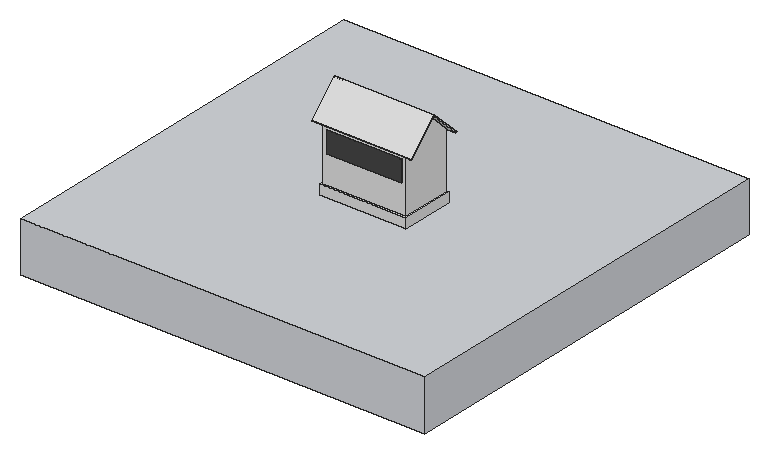
Revit family "KOMPLEKS CHEMOWENT - Wyrzutnia dachowa", category Akcesoria wentylacyjne, Revit 2016
Family settings
  Obiekt nadrzędny = Powierzchnia
  Typ części = Dzieli na
  Wymiar okrągłego złącza = Użyj średnicy
  Tnij formami wycięć po wczytaniu = Tak
  Współdzielony = Nie
Parameters
  x [instance] = Wysokość czerpni * 0.1  # 50 mm
  Odsunięcie kratki [instance] = Długość spadu * sin(Nachylenie dachu) + 30 mm  # 199.706 mm
  d [instance] = B ogr + 20 mm  # 520 mm
  c [instance] = A ogr + 20 mm  # 320 mm
  Zakres grubości płyt [instance] = "4,6,8,10 i 12 mm"
  Wysokość podstawy [instance] = 60 mm
  Wysokość czerpni [instance] = 500 mm
  URL = "https://chemowent.pl/"
  Szerokość czerpni [instance] = 300 mm
  Producent = "KOMPLEKS CHEMOWENT"
  Opis = "2.2.11. Wyrzutnia dachowa"
  Nachylenie dachu [instance] = 45.00°
  Model = "Wyrzutnia dachowa"
  Materiał = KOMPLEKS CHEMOWENT - PPs
  L [instance] = if(Wysokość czerpni < 500 mm, 500 mm, Wysokość czerpni)  # 500 mm
  Kratka = KOMPLEKS CHEMOWENT - żaluzja
  Grubość płyt [instance] = 10 mm
  Długość spadu [instance] = Szerokość czerpni * 0.8  # 240 mm
  Długość czerpni [instance] = 500 mm
  Default Elevation = 1219.2 mm
  Dokumentacja techniczna = "https://chemowent.pl/dopobrania/Katalog-techniczny-Chemowent"
  B ogr [instance] = if(Długość czerpni < 300 mm, 300 mm, Długość czerpni)  # 500 mm
  Autor = "www.archispace.pl"
  A ogr [instance] = if(Szerokość czerpni < 300 mm, 300 mm, Szerokość czerpni)  # 300 mm
Reference planes
  plane 1 "Środek (Przód/Tył)": y = 0
  plane 2: z = 0
  plane 3 "Środek (Lewa/Prawa)": x = 0
  plane 4: x = -260
  plane 5: x = 260
  plane 6: y = 160
  plane 7: y = -160
  plane 8: x = -250
  plane 9: x = 250
  plane 10: y = 150
  plane 11: y = -150
  plane 12: z = 560
  plane 13: z = 60
  plane 14: z = 280
Forms (mm)
  Extrusion 1, solid
    sketch origin (0, 0, 0) x (1, 0, 0) y (0, 1, 0)
      loop
        line (-1219.2, 1219.2) -> (-1219.2, -1219.2) -> (1219.2, -1219.2) -> (1219.2, 1219.2) -> (-1219.2, 1219.2)
    from 0 to -304.8
  Extrusion 2, solid, material "KOMPLEKS CHEMOWENT - PPs" <- "Materiał", detail levels fine
    sketch origin (0, 0, 0) x (1, 0, 0) y (0, 1, 0)
      loop
        line (-250, 150) -> (-250, -150) -> (250, -150) -> (250, 150) -> (-250, 150)
    from 0 to 560
  Extrusion 3, solid, material "KOMPLEKS CHEMOWENT - PPs" <- "Materiał", detail levels fine
    sketch origin (0, 0, 0) x (1, 0, 0) y (0, 1, 0)
      loop
        line (-260, 160) -> (-260, -160) -> (260, -160) -> (260, 160) -> (-260, 160)
    from 0 to 60 <- "Wysokość podstawy"
  Extrusion 4, solid, material "KOMPLEKS CHEMOWENT - PPs" <- "Materiał", detail levels fine
    sketch origin (0, 0, 0) x (0, 1, 0) y (0, 0, 1)
      loop
        line (0, 560) -> (-169.706, 390.294) -> (-166.17, 386.759) -> (0, 552.929) -> (166.17, 386.759) -> (169.706, 390.294) -> (0, 560)
    from -300 to 300
  Extrusion 5, void
    sketch origin (0, 0, 0) x (0, 1, 0) y (0, 0, 1)
      loop
        line (-160, 560) -> (-160, 400) -> (0, 560) -> (-160, 560)
    from -250 to 250
  Extrusion 6, void
    sketch origin (0, 0, 0) x (0, 1, 0) y (0, 0, 1)
      loop
        line (0, 560) -> (150, 410) -> (150, 560) -> (0, 560)
    from -250 to 250
  Extrusion 7, solid, material "KOMPLEKS CHEMOWENT - żaluzja" <- "Kratka", detail levels fine
    sketch origin (0, 0, 0) x (1, 0, 0) y (0, 0, 1)
      loop
        line (-225, 360.294) -> (-225, 230) -> (225, 230) -> (225, 360.294) -> (-225, 360.294)
    from 150 to 151
  Extrusion 8, solid, material "KOMPLEKS CHEMOWENT - PPs" <- "Materiał", detail levels medium
    sketch origin (0, 0, 0) x (0, 1, 0) y (0, 0, 1)
      loop
        line (-150, 0) -> (150, 0) -> (150, 410) -> (0, 560) -> (-150, 410) -> (-150, 0)
    from -250 to 250
Cuts and joins
  Extrusion 5, Extrusion 6 cuts Extrusion 2
  joined: Extrusion 2, Extrusion 3, Extrusion 4
Lines and regions (mm)
  model lines, style "DuctAccessory", detail levels coarse
    curve 1: line (0, -360, 280) -> (0, -160, 280)
    curve 2: line (-250, 0, 560) -> (250, 0, 560)
    curve 3: line (-250, 0, 0) -> (-250, 0, 560)
    curve 4: line (250, 0, 0) -> (-250, 0, 0)
    curve 5: line (250, 0, 560) -> (250, 0, 0)
    curve 6: line (0, -360, 280) -> (0, -289.289, 350.711)
    curve 7: line (0, -360, 280) -> (0, -289.289, 209.289)
    curve 8: line (0, -360, 280) -> (70.711, -289.289, 280)
    curve 9: line (0, -360, 280) -> (-70.711, -289.289, 280)
Dimensions and locks
  equal spacing: plane 8, plane 3 "Środek (Lewa/Prawa)", plane 9
  "B ogr": plane 8 to plane 9
  equal spacing: plane 10, plane 1 "Środek (Przód/Tył)", plane 11
  "A ogr": plane 10 to plane 11
  "c": plane 6 to plane 7
  "d": plane 4 to plane 5
  equal spacing: plane 6, plane 1 "Środek (Przód/Tył)", plane 7
  equal spacing: plane 4, plane 3 "Środek (Lewa/Prawa)", plane 5
  "Wysokość podstawy": plane 13 to level
  "L": plane 12 to plane 13
  "Długość spadu": Extrusion 4 sketch curve to Extrusion 4 sketch curve  (x2)
  locked: Extrusion 4 sketch curve to Extrusion 4 sketch curve at 5  (x2)
  locked: Extrusion 4 to plane 9 at 50
  locked: plane 8 to Extrusion 4 at 50
  locked: Extrusion 7 sketch curve to plane 8 at 25
  locked: plane 9 to Extrusion 7 sketch curve at 25
  "Odsunięcie kratki": plane 12 to Extrusion 7 sketch curve
  locked: Extrusion 7 to plane 11 at 1
  equal spacing: plane 12, curve 1, level
  locked: curve 1 to plane 7 at 200
  equal spacing: plane 12, plane 14, level
  locked: curve 6 to curve 6 at 100
  locked: curve 7 to curve 7 at 100
  locked: curve 9 to curve 9 at 100
  locked: curve 8 to curve 8 at 100
  "x": plane 14 to Extrusion 7 sketch curve
  "Nachylenie dachu": angle Extrusion 4 sketch curve to plane 12
  locked: Extrusion 4 sketch curve to Extrusion 4 sketch curve (angle 90.00°)  (x2)
  "Nachylenie dachu": angle plane 12 to Extrusion 4 sketch curve
  "Nachylenie dachu": angle plane 12 to Extrusion 5 sketch curve
  "Nachylenie dachu": angle Extrusion 6 sketch curve to plane 12
  "Nachylenie dachu": angle Extrusion 8 sketch curve to plane 12
  "Nachylenie dachu": angle plane 12 to Extrusion 8 sketch curve
  locked: curve 1 to curve 6 (angle 45.00°)
  locked: curve 7 to curve 1 (angle 45.00°)
  locked: curve 8 to curve 1 (angle 45.00°)
  locked: curve 1 to curve 9 (angle 45.00°)
  aligned and locked: plane 2 to Extrusion 1
  aligned and locked: level to Extrusion 1
  aligned and locked: Extrusion 2 sketch curve to plane 8
  aligned and locked: Extrusion 2 sketch curve to plane 10
  aligned and locked: Extrusion 2 sketch curve to plane 9
  aligned and locked: Extrusion 2 sketch curve to plane 11
  aligned and locked: Extrusion 3 sketch curve to plane 4
  aligned and locked: Extrusion 3 sketch curve to plane 6
  aligned and locked: Extrusion 3 sketch curve to plane 5
  aligned and locked: Extrusion 3 sketch curve to plane 7
  aligned and locked: plane 12 to Extrusion 2
  aligned and locked: cut or joined group of Extrusion 2, Extrusion 3, Extrusion 4, Extrusion 5, Extrusion 6 to level
  aligned and locked: plane 12 to Extrusion 4 sketch curve
  aligned and locked: plane 1 "Środek (Przód/Tył)" to Extrusion 4 sketch curve  (x2)
  aligned and locked: Extrusion 5 to plane 8
  aligned and locked: plane 9 to Extrusion 5
  aligned and locked: Extrusion 5 sketch curve to plane 7
  aligned and locked: Extrusion 5 sketch curve to plane 12
  aligned and locked: plane 1 "Środek (Przód/Tył)" to Extrusion 5 sketch curve
  aligned and locked: plane 12 to Extrusion 5 sketch curve
  aligned and locked: Extrusion 6 sketch curve to plane 12
  aligned and locked: Extrusion 6 sketch curve to plane 10
  aligned and locked: plane 1 "Środek (Przód/Tył)" to Extrusion 6 sketch curve
  aligned and locked: Extrusion 6 to plane 8
  aligned and locked: plane 9 to Extrusion 6
  aligned and locked: plane 11 to Extrusion 7
  aligned and locked: plane 11 to Extrusion 8 sketch curve
  aligned and locked: Extrusion 8 sketch curve to plane 10
  aligned and locked: level to Extrusion 8 sketch curve
  aligned and locked: plane 12 to Extrusion 8 sketch curve
  aligned and locked: plane 1 "Środek (Przód/Tył)" to Extrusion 8 sketch curve
  aligned and locked: Extrusion 8 to plane 8
  aligned and locked: plane 9 to Extrusion 8
  aligned and locked: curve 2 to plane 12
  aligned and locked: plane 8 to curve 3
  aligned and locked: level to curve 4
  aligned and locked: curve 5 to plane 9
Automatic sketch dimensions
  Extrusion 1 sketch curve to Extrusion 1 sketch curve = 2438.4 mm  (x2)
  curve 8 to plane 3 "Środek (Lewa/Prawa)" = 0 mm
  curve 9 to plane 7 = 129.289 mm
Connectors
  hvac at (0, 0, 0), driven by "Szerokość czerpni", driven by "Długość czerpni"
    settings: on cut or joined group of Extrusion 2, Extrusion 3, Extrusion 4, Extrusion 5, Extrusion 6, index 1, duct flow 0.0 L/s, flow factor 0, pres drop 0.0 Pa, loss coef 0, conn angle 0.00°, conn width 500 mm, conn height 300 mm, conn diameter 609.6 mm, duct sys type 3, conn prof type 1, flow config 0, flow direction 1, loss method 0, conn ref index -1, conn util no, is conn primary yes, conn desc ""
